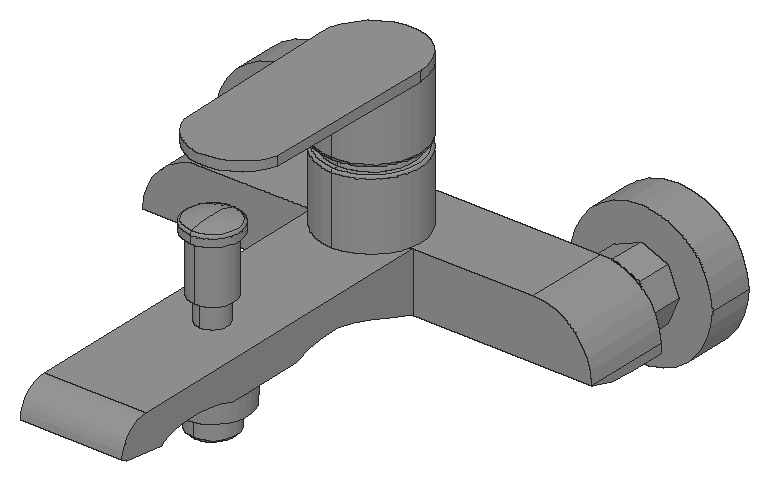
Revit family "TINA URBAN", category Plumbing Fixtures, Revit 2019
Family settings
  Round Connector Dimension = Use Diameter
  Part Type = Normal
  OmniClass Number = 23.45.00.00
  OmniClass Title = Sanitary, Laundry, and Cleaning Equipment
  Work Plane-Based = No
  Always vertical = Yes
  Cut with Voids When Loaded = No
  Shared = No
  Room Calculation Point = No
Reference planes
  plane 1 "Center (Front/Back)": y = 0
  plane 2: z = 0
  plane 3 "Center (Left/Right)": x = 0
Forms (mm)
  Extrusion 1, solid
    sketch origin (0, 0, 0) x (1, 0, 0) y (0, 0, 1)
      loop
        circle (0, 0) r 30
      loop
        circle (150, 0) r 30
    from 0 to 19
  Extrusion 2, solid
    sketch origin (0, 0, 0) x (1, 0, 0) y (0, 0, 1)
      loop
        line (11.314, 11.314) -> (0, 16) -> (-11.314, 11.314) -> (-16, 0) -> (-11.314, -11.314) -> (0, -16) -> (11.314, -11.314) -> (16, 0) -> (11.314, 11.314)
      loop
        line (150, 16) -> (138.686, 11.314) -> (134, 0) -> (138.686, -11.314) -> (150, -16) -> (161.314, -11.314) -> (166, 0) -> (161.314, 11.314) -> (150, 16)
    from 19 to 34
  Extrusion 3, solid
    sketch origin (0, 0, 0) x (1, 0, 0) y (0, 0, 1)
      loop
        line (-20, -9) -> (-20, -13) -> (170, -13) -> (170, -9)
        arc (170, -9) -> (162.678, 8.678) -> (145, 16) r 25
        line (145, 16) -> (5, 16)
        arc (5, 16) -> (-12.678, 8.678) -> (-20, -9) r 25
    from 34 to 70
  Extrusion 4, solid
    sketch origin (0, 0, 0) x (0, 1, 0) y (0, 0, 1)
      loop
        line (-70, 16) -> (-210.81, 16)
        arc (-210.81, 16) -> (-219.744, 12.514) -> (-223.955, 3.898) r 13.19
        line (-223.955, 3.898) -> (-221.709, 2.601) -> (-202.989, 0)
        spline (-202.989, 0) -> (-202.132, 0.631) -> (-200.745, 1.322) -> (-198.863, 2.022) -> (-196.522, 2.678) -> (-193.756, 3.237) -> (-190.603, 3.646) -> (-187.096, 3.853) -> (-183.271, 3.804) -> (-179.165, 3.447) -> (-174.812, 2.729) -> (-170.248, 1.598) -> (-165.508, 0)
        line (-165.508, 0) -> (-132, 0)
        spline (-132, 0) -> (-127.79, 1.632) -> (-123.564, 2.837) -> (-119.286, 3.595) -> (-114.922, 3.887) -> (-110.436, 3.693) -> (-105.793, 2.996) -> (-100.925, 1.82) -> (-95.743, 0.23) -> (-90.152, -1.712) -> (-84.059, -3.941) -> (-77.373, -6.391) -> (-70, -9)
        line (-70, -9) -> (-70, 16)
    from 51.264 to 94.301
  Revolve 5, solid
    sketch origin (72.511, 0, 0) x (0, 1, 0) y (0, 0, 1)
      loop
        line (-148.754, 0) -> (-165.508, 0)
        arc (-165.508, 0) -> (-164.194, -7.449) -> (-163.754, -15) r 65.01
        line (-163.754, -15) -> (-158.754, -15) -> (-158.754, -24) -> (-157.754, -25) -> (-148.754, -25) -> (-148.754, 0)
      axis (-148.754, -25) -> (-148.754, 0)
    angle from 0 to 360
  Revolve 6, solid
    sketch origin (72.316, 0, 0) x (0, 1, 0) y (0, 0, 1)
      loop
        line (-148.754, 16) -> (-148.754, 56)
        arc (-148.754, 56) -> (-154.149, 55.616) -> (-159.398, 54.308) r 31.273
        arc (-159.398, 54.308) -> (-160.018, 53.845) -> (-160.254, 53.109) r 1.268
        line (-160.254, 53.109) -> (-160.254, 50) -> (-157.754, 50) -> (-157.754, 26) -> (-155.254, 26) -> (-155.254, 16) -> (-148.754, 16)
      axis (-148.754, 16) -> (-148.754, 56)
    angle from 0 to 360
  Revolve 7, solid
    sketch origin (72.511, 5, 0) x (0, 1, 0) y (0, 0, 1)
      loop
        line (-70, 16) -> (-70, 77.122) -> (-91, 77.122) -> (-91, 49.998)
        arc (-91, 49.998) -> (-90.708, 49.292) -> (-90.002, 49) r 0.998
        line (-90.002, 49) -> (-85.735, 49)
        arc (-85.735, 49) -> (-87.216, 47.522) -> (-87.756, 45.5) r 4.029
        line (-87.756, 45.5) -> (-89.991, 45.5)
        arc (-89.991, 45.5) -> (-90.704, 45.204) -> (-91, 44.491) r 1.009
        line (-91, 44.491) -> (-91, 16) -> (-70, 16)
      axis (-70, 16) -> (-70, 77.122)
    angle from 0 to 360
  Extrusion 8, solid
    sketch origin (0, 0, 0) x (1, 0, 0) y (0, 1, 0)
      loop
        line (51.511, -65) -> (52.803, -139.002)
        arc (52.803, -139.002) -> (72.511, -154) -> (92.22, -139.002) r 20.448
        line (92.22, -139.002) -> (93.511, -65)
        arc (93.511, -65) -> (72.511, -44) -> (51.511, -65) r 21
    from 77.122 to 81.081
  Extrusion 9, void
    sketch origin (0, 0, 0) x (0, 1, 0) y (0, 0, 1)
      loop
        line (-70, -9) -> (-70, -13) -> (-49.422, -13)
        arc (-49.422, -13) -> (-59.891, -11.929) -> (-70, -9) r 58.532
    from -20 to 170
Cuts and joins
  Extrusion 9 cuts Extrusion 3
Dimensions and locks
  aligned and locked: level to plane 2
